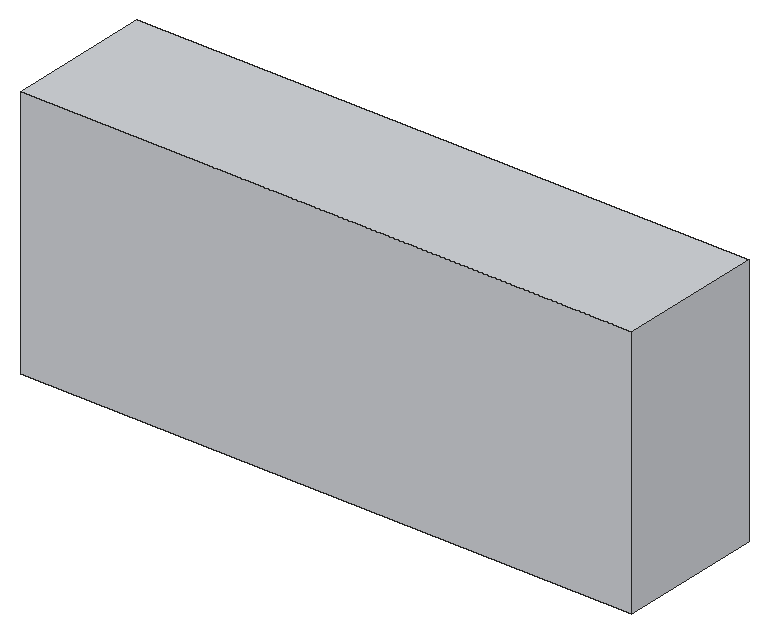
Revit family "Lighting_Fixture-Wall-Astro-Venetoxxxx", category Lighting Fixtures, host Face, Revit 2014
Parameters (values of type "0609 Veneto 300")
  Width = 300.00 mm
  Weight = "1.5kg"
  Wattage Comments = "18w"
  Wattage = 9.2903 W
  built-in parameter 1150110 = 1 (stored number, unit not read)
  Voltage = 230 V
  URL = "www.astrolighting.co.uk"
  Type Comments = "Includes internal electronic ballast."
  built-in parameter 1114217 = 1 (stored number, unit not read)
  Tilt Angle = -90.00°  # constant formula
  built-in parameter 1150109 = 1 (stored number, unit not read)
  built-in parameter 1150134 = 3
  built-in parameter 1150113 = 1 (stored number, unit not read)
  Suitable for bathroom zone = "Zone 3"
  Product Documentation = "http://www.astrolighting.co.uk/products/kw/0609/0609_Veneto-300"
  Photometric Web File = "0609 VENETO 300.ies"
  Number of Poles = 1
  Mountable on normally flammable surfaces = "Yes"
  Model = "0609 Veneto 300"
  Manufacturer = "Astro Lighting Ltd, CM20 2DP"
  built-in parameter 1150105 = 109.82 (stored number, unit not read)
  Lumens = 1380 lm
  Luminaire Lamp Efficiency Rating = "-B"
  built-in parameter 1150115 = 1 (stored number, unit not read)
  Light Source From Wall = 350.00 mm
  Light Source Elevation = 1590.00 mm
  built-in parameter 1150137 = (empty or 0)
  built-in parameter 1150139 = (empty or 0)
  Length = 105.00 mm
  Lamp included = "No"
  built-in parameter 1150112 = 1 (stored number, unit not read)
  built-in parameter 1150114 = 1 (stored number, unit not read)
  Lamp = "2G11"
  built-in parameter 1150132 = (empty or 0)
  built-in parameter 1150102 = (empty or 0)
  built-in parameter 1150107 = 3200 (stored number, unit not read)
  built-in parameter 1150138 = (empty or 0)
  built-in parameter 1150106 = 1.0982 (stored number, unit not read)
  IP Rating = "IP20"
  Height = 65.00 mm
  Energy Efficiency Rating = ""
  Emit from Line Length = 250.00 mm
  built-in parameter 1150104 = 13.8 (stored number, unit not read)
  Dimming Lamp Color Temperature Shift = <None>
  Dimmable = "No"
  Description = "Wall Light"
  Default Elevation [instance] = 1700.00 mm
  Cutout Width = 220.00 mm
  Color Filter = 16777215
  Class = 1
  Casing Material = Astro - Plaster - White
  Cable Placement Top = 13.50 mm
  Cable Placement Left = 39.00 mm
  built-in parameter 1114218 = 1 (stored number, unit not read)
  Backplate Width = 200.00 mm
  Manufacturer Contact = "01279 427001"
  built-in parameter 1150133 = 10 (stored number, unit not read)
  Assembly Code = "D5020200"
  Apparent Load = 13.36 VA
Types (2, lengths in mm): name | Width | Weight | Wattage Comments | Type Comments | Product Documentation | Photometric Web File | Model | Cutout Width | Cable Placement Top | Cable Placement Left | Backplate Width | Apparent Load
  0609 Veneto 300 | 300.00 | "1.5kg" | "18w" | "Includes internal electronic ballast." | "http://www.astrolighting.co.uk/products/kw/0609/0609_Veneto-300" | "0609 VENETO 300.ies" | "0609 Veneto 300" | 220.00 | 13.50 | 39.00 | 200.00 | 13.36 VA
  0610 Veneto 400 | 400.00 | "1.8kg" | "24w" | "Includes internal electronic ballast. Unsuitable for frequent switching." | "http://www.astrolighting.co.uk/products/kw/0610/0610_Veneto-400" | "0610 VENETO 400.ies" | "0609 Veneto 400" | 320.00 | 35.00 | 99.00 | 300.00 | 24.37 VA
Reference planes
  plane 1: y = -75
  plane 2 "Light Source Axis (L/R)": x = 125
  plane 3 "Light Source Axis (F/R)": y = 65
  plane 4 "Light Source Elevation": z = 1590
  plane 5: y = -150
  plane 6 "Center (Elevation)": z = 1600
  plane 7: z = 0
  plane 8 "Top": z = 1632.5
  plane 9 "Bottom": z = 1567.5
  plane 10 "Left": x = 275
  plane 11 "Right": x = -25
  plane 12 "Front": y = 105
  plane 13: y = 0
  plane 14: x = 15
  plane 15: x = 235
  plane 16: y = 65
  plane 17: x = 25
  plane 18: x = 225
  plane 19: y = 25
  plane 20: z = 1574.5
Forms (mm)
  Extrusion 1, solid
    sketch origin (140, -150, 1500) x (0, 0, 1) y (1, 0, 0)
      loop
        line (-30.019, -329.013) -> (230, -329.013) -> (230, 300) -> (-30.019, 300) -> (-30.019, -329.013)
    from 0 to 150
  Extrusion 2, solid, material "Astro - Plaster - White" <- "Casing Material"
    sketch origin (1573.638, 225, 1600) x (1, 0, 0) y (0, 1, 0)
      loop
        arc (-1558.638, -120) -> (-1598.638, -160) -> (-1558.638, -200) r 40
        line (-1558.638, -200) -> (-1540.638, -200) -> (-1540.638, -192) -> (-1558.638, -192)
        arc (-1558.638, -192) -> (-1590.638, -160) -> (-1558.638, -128) r 32
        line (-1558.638, -128) -> (-1338.638, -128)
        arc (-1338.638, -128) -> (-1306.638, -160) -> (-1338.638, -192) r 32
        line (-1338.638, -192) -> (-1356.638, -192) -> (-1356.638, -200) -> (-1338.638, -200)
        arc (-1338.638, -200) -> (-1298.638, -160) -> (-1338.638, -120) r 40
        line (-1338.638, -120) -> (-1558.638, -120)
    from -32.5 to 32.5
  Extrusion 3, solid, material "Astro - Plaster - White" <- "Casing Material"
    sketch origin (980.916, 225, 1567.5) x (1, 0, 0) y (0, 1, 0)
      loop
        arc (-965.916, -120) -> (-1005.916, -160) -> (-965.916, -200) r 40
        line (-965.916, -200) -> (-745.916, -200)
        arc (-745.916, -200) -> (-705.916, -160) -> (-745.916, -120) r 40
        line (-745.916, -120) -> (-965.916, -120)
      loop
        arc (-965.916, -157.5) -> (-968.416, -160) -> (-965.916, -162.5) r 2.5
        line (-965.916, -162.5) -> (-745.916, -162.5)
        arc (-745.916, -162.5) -> (-743.416, -160) -> (-745.916, -157.5) r 2.5
        line (-745.916, -157.5) -> (-965.916, -157.5)
    from 0 to 8
  Extrusion 4, solid, material "Astro - Plaster - White" <- "Casing Material"
    sketch origin (1573.638, 225, 1600) x (1, 0, 0) y (0, 1, 0)
      loop
        line (-1540.638, -192) -> (-1548.638, -192) -> (-1548.638, -225) -> (-1540.638, -225) -> (-1540.638, -192)
      loop
        line (-1356.638, -192) -> (-1356.638, -225) -> (-1348.638, -225) -> (-1348.638, -192) -> (-1356.638, -192)
    from 32.5 to -25.5
  Extrusion 5, solid, material "Astro - Plaster - White" <- "Casing Material"
    sketch origin (1573.638, 225, 1600) x (1, 0, 0) y (0, 1, 0)
      loop
        line (-1540.638, -192) -> (-1540.638, -225) -> (-1356.638, -225) -> (-1356.638, -192) -> (-1540.638, -192)
    from -25.5 to -17.5
  Extrusion 6, solid, material "Astro - Steel - White EPC"
    sketch origin (-969.65, 0, 4000) x (-1, 0, 0) y (0, 0, 1)
      loop
        line (-1161.4, -2367.5) -> (-1161.4, -2413.5)
        arc (-1161.4, -2413.5) -> (-1160.58, -2415.48) -> (-1158.6, -2416.3) r 2.8
        line (-1158.6, -2416.3) -> (-1030.7, -2416.3)
        arc (-1030.7, -2416.3) -> (-1028.72, -2415.48) -> (-1027.9, -2413.5) r 2.8
        line (-1027.9, -2413.5) -> (-1027.9, -2367.5) -> (-1161.4, -2367.5)
      loop
        circle (-1055.65, -2381) r 7.5
    from 0 to 1.2
  Extrusion 7, solid, material "Astro - Steel - White EPC"
    sketch origin (125, -75, 0) x (0, 1, 0) y (0, 0, 1)
      loop
        line (106.8, 1632.5) -> (75, 1632.5) -> (75, 1631.3) -> (106.8, 1631.3) -> (106.8, 1632.5)
    from -66.75 to 66.75
  Extrusion 8, solid, material "Astro - Steel - White EPC"
    sketch origin (-969.65, 0, 4000) x (-1, 0, 0) y (0, 0, 1)
      loop
        line (-1185.9, -2367.5) -> (-1185.9, -2368.7) -> (-1163.9, -2368.7)
        arc (-1163.9, -2368.7) -> (-1162.981, -2369.081) -> (-1162.6, -2370) r 1.3
        line (-1162.6, -2370) -> (-1162.6, -2413.5)
        arc (-1162.6, -2413.5) -> (-1161.428, -2416.328) -> (-1158.6, -2417.5) r 4
        line (-1158.6, -2417.5) -> (-1030.7, -2417.5)
        arc (-1030.7, -2417.5) -> (-1027.871, -2416.328) -> (-1026.7, -2413.5) r 4
        line (-1026.7, -2413.5) -> (-1026.7, -2370)
        arc (-1026.7, -2370) -> (-1026.319, -2369.081) -> (-1025.4, -2368.7) r 1.3
        line (-1025.4, -2368.7) -> (-1003.4, -2368.7) -> (-1003.4, -2367.5) -> (-1025.4, -2367.5)
        arc (-1025.4, -2367.5) -> (-1027.168, -2368.232) -> (-1027.9, -2370) r 2.5
        line (-1027.9, -2370) -> (-1027.9, -2413.5)
        arc (-1027.9, -2413.5) -> (-1028.72, -2415.48) -> (-1030.7, -2416.3) r 2.8
        line (-1030.7, -2416.3) -> (-1158.6, -2416.3)
        arc (-1158.6, -2416.3) -> (-1160.58, -2415.48) -> (-1161.4, -2413.5) r 2.8
        line (-1161.4, -2413.5) -> (-1161.4, -2370)
        arc (-1161.4, -2370) -> (-1162.132, -2368.232) -> (-1163.9, -2367.5) r 2.5
        line (-1163.9, -2367.5) -> (-1185.9, -2367.5)
    from 0 to 31.8
  Extrusion 9, solid, material "Astro - Steel - White EPC"
    sketch origin (-104.66, 25, 4000) x (-1, 0, 0) y (0, 0, 1)
      loop
        line (-296.41, -2367.5) -> (-296.41, -2413.5)
        arc (-296.41, -2413.5) -> (-295.589, -2415.48) -> (-293.61, -2416.3) r 2.8
        line (-293.61, -2416.3) -> (-165.71, -2416.3)
        arc (-165.71, -2416.3) -> (-163.73, -2415.48) -> (-162.91, -2413.5) r 2.8
        line (-162.91, -2413.5) -> (-162.91, -2367.5) -> (-296.41, -2367.5)
    from 6.8 to 8
  Extrusion 10, solid, material "Astro - Steel - White EPC"
    sketch origin (-969.65, 0, 4000) x (-1, 0, 0) y (0, 0, 1)
      loop
        line (-1186.65, -2368.7) -> (-1186.65, -2417.5) -> (-1162.6, -2417.5) -> (-1162.6, -2370)
        arc (-1162.6, -2370) -> (-1162.981, -2369.081) -> (-1163.9, -2368.7) r 1.3
        line (-1163.9, -2368.7) -> (-1186.65, -2368.7)
      loop
        line (-1002.65, -2417.5) -> (-1002.65, -2368.7) -> (-1025.4, -2368.7)
        arc (-1025.4, -2368.7) -> (-1026.319, -2369.081) -> (-1026.7, -2370) r 1.3
        line (-1026.7, -2370) -> (-1026.7, -2417.5) -> (-1002.65, -2417.5)
    from 1.2 to 31.8
Cuts and joins
  joined: Extrusion 2, Extrusion 3, Extrusion 4, Extrusion 5
  joined: Extrusion 6, Extrusion 7, Extrusion 9
Text (mm)
  text "Placement side" at (-189.959, 164.159, 0), in view "Ref. Level"
  text "Placement side" at (0, 229.131, 1698.577), in view "Left"
  text "Placement side" at (0, 628.478, 3011.967), in view "Right"
Dimensions and locks
  equal spacing: plane 9 "Bottom", plane 6 "Center (Elevation)", plane 8 "Top"
  "Height": plane 9 "Bottom" to plane 8 "Top"
  equal spacing: plane 11 "Right", plane 2 "Light Source Axis (L/R)", plane 10 "Left"
  "Width": plane 11 "Right" to plane 10 "Left"
  locked: plane 1 to plane 13 at 75
  "Length": plane 12 "Front" to plane 13
  equal spacing: plane 14, plane 2 "Light Source Axis (L/R)", plane 15
  "Cutout Width": plane 14 to plane 15
  locked: plane 16 to plane 13 at 65
  equal spacing: plane 17, plane 2 "Light Source Axis (L/R)", plane 18
  "Backplate Width": plane 17 to plane 18
  locked: plane 19 to plane 13 at 25
  locked: plane 20 to plane 8 "Top" at 58
  locked: plane 12 "Front" to Extrusion 2 sketch curve at 8
  locked: Extrusion 2 sketch curve to plane 19 at 8
  equal spacing: Extrusion 3 sketch curve, plane 16, Extrusion 3 sketch curve
  locked: Extrusion 3 sketch curve to Extrusion 3 sketch curve at 5
  locked: plane 9 "Bottom" to Extrusion 3 at 8
  locked: plane 17 to Extrusion 2 sketch curve at 8
  locked: Extrusion 2 sketch curve to plane 18 at 8
  locked: Extrusion 4 sketch curve to plane 19 at 8  (x2)
  locked: Extrusion 4 sketch curve to plane 18 at 8
  locked: plane 17 to Extrusion 4 sketch curve at 8
  locked: plane 20 to Extrusion 5 at 8
  "Cable Placement Left": plane 2 "Light Source Axis (L/R)" to Extrusion 6 sketch curve
  "Cable Placement Top": Extrusion 6 sketch curve to plane 8 "Top"
  locked: Extrusion 6 to plane 13 at 1.2
  locked: plane 8 "Top" to Extrusion 7 sketch curve at 1.2
  locked: Extrusion 7 sketch curve to plane 13 at 31.8
  locked: plane 18 to Extrusion 6 sketch curve at 33.25
  locked: Extrusion 6 sketch curve to plane 17 at 33.25
  locked: plane 18 to Extrusion 8 sketch curve at 8.75
  locked: Extrusion 8 sketch curve to plane 17 at 8.75
  locked: plane 9 "Bottom" to Extrusion 6 sketch curve at 16.2
  aligned and locked: Extrusion 2 sketch curve to plane 12 "Front"
  aligned and locked: Extrusion 2 sketch curve to plane 19
  aligned and locked: plane 14 to Extrusion 2 sketch curve  (x2)
  aligned and locked: plane 15 to Extrusion 2 sketch curve
  aligned and locked: plane 16 to Extrusion 2 sketch curve
  aligned and locked: Extrusion 2 to plane 9 "Bottom"
  aligned and locked: plane 8 "Top" to Extrusion 2
  aligned and locked: Extrusion 3 sketch curve to plane 12 "Front"
  aligned and locked: Extrusion 3 sketch curve to plane 19
  aligned and locked: plane 16 to Extrusion 3 sketch curve  (x2)
  aligned and locked: plane 15 to Extrusion 3 sketch curve  (x2)
  aligned and locked: plane 14 to Extrusion 3 sketch curve
  aligned and locked: Extrusion 3 to plane 9 "Bottom"
  aligned and locked: Extrusion 4 sketch curve to plane 13
  aligned and locked: plane 13 to Extrusion 4 sketch curve
  aligned and locked: Extrusion 4 sketch curve to plane 18
  aligned and locked: Extrusion 4 sketch curve to plane 17
  aligned and locked: Extrusion 4 to plane 8 "Top"
  aligned and locked: Extrusion 4 to plane 20
  aligned and locked: plane 13 to Extrusion 5 sketch curve
  aligned and locked: Extrusion 5 to plane 20
  aligned and locked: Extrusion 6 sketch curve to plane 8 "Top"
  aligned and locked: Extrusion 6 to plane 13
  aligned and locked: plane 13 to Extrusion 7 sketch curve
  aligned and locked: Extrusion 7 sketch curve to plane 8 "Top"
  aligned and locked: Extrusion 7 to Extrusion 6
  aligned and locked: Extrusion 6 to Extrusion 7
  aligned and locked: Extrusion 8 sketch curve to plane 8 "Top"
  aligned and locked: Extrusion 6 to Extrusion 8 sketch curve  (x2)
  aligned and locked: cut or joined group of Extrusion 2, Extrusion 3, Extrusion 4, Extrusion 5 to Extrusion 8 sketch curve
  aligned and locked: Extrusion 8 to Extrusion 7
  aligned and locked: Extrusion 9 sketch curve to plane 8 "Top"
  aligned and locked: Extrusion 9 sketch curve to Extrusion 8  (x3)
  aligned and locked: Extrusion 9 to Extrusion 8
  aligned and locked: cut or joined group of Extrusion 2, Extrusion 3, Extrusion 4, Extrusion 5 to Extrusion 9
  aligned and locked: plane 3 "Light Source Axis (F/R)" to plane 16
  aligned and locked: Extrusion 10 sketch curve to Extrusion 8  (x4)
  aligned and locked: Extrusion 10 sketch curve to cut or joined group of Extrusion 2, Extrusion 3, Extrusion 4, Extrusion 5  (x2)
  aligned and locked: cut or joined group of Extrusion 2, Extrusion 3, Extrusion 4, Extrusion 5 to Extrusion 10 sketch curve
  aligned and locked: Extrusion 10 to cut or joined group of Extrusion 6, Extrusion 7, Extrusion 9
  aligned and locked: Extrusion 10 to Extrusion 8
  aligned and locked: imposter light to plane 2 "Light Source Axis (L/R)"
  aligned and locked: imposter light to plane 16
Automatic sketch dimensions
  Extrusion 1 sketch curve to Extrusion 1 sketch curve = 260.019 mm
  Extrusion 1 sketch curve to Extrusion 1 sketch curve = 629.013 mm
  Extrusion 2 sketch curve to Extrusion 2 sketch curve = 0.00 mm  (x2)
  Extrusion 3 sketch curve to Extrusion 3 sketch curve = 0.00 mm
  plane 17 to Extrusion 5 sketch curve = 8.00 mm
  Extrusion 5 sketch curve to plane 18 = 8.00 mm
  plane 19 to Extrusion 5 sketch curve = 8.00 mm
  Extrusion 8 sketch curve to Extrusion 8 sketch curve = 0.00 mm  (x8)
  Extrusion 8 sketch curve to plane 8 "Top" = 2.50 mm
  Extrusion 8 sketch curve to Extrusion 8 sketch curve = 2.80 mm  (x2)
  Extrusion 8 sketch curve to Extrusion 8 sketch curve = 1.30 mm
  Extrusion 8 sketch curve to plane 8 "Top" = 1.20 mm
  Extrusion 8 sketch curve to plane 8 "Top" = 0.00 mm
  Extrusion 10 sketch curve to plane 4 "Light Source Elevation" = 7.50 mm
  Extrusion 6 sketch curve to Extrusion 6 sketch curve = 2.80 mm  (x2)
  radius of Extrusion 6 sketch curve = 7.50 mm
Connectors
  electrical at (86, 0, 1619), driven by "Number of Poles", driven by "Voltage", driven by "Apparent Load"
    settings: on cut or joined group of Extrusion 6, Extrusion 7, Extrusion 9, index 1, voltage 230 V, apparent load 0 VA, apparent load phase1 13.36 VA, apparent load phase2 0 VA, apparent load phase3 0 VA, power factor 1, load classification "Other", number of poles 1, system type 31, power factor state 1, is connector primary yes, connector utility no, sub classification motor no, connector description ""
